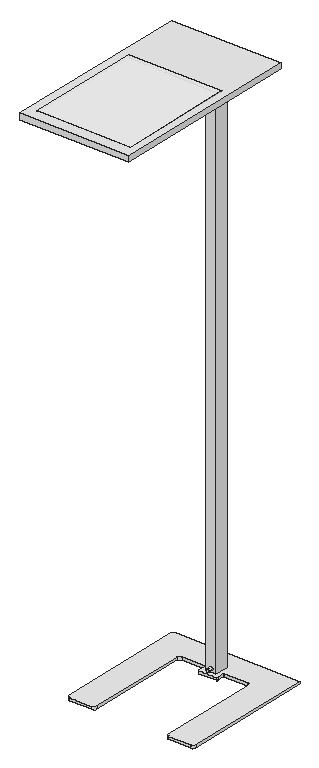
Revit family "0060782 Sylvania Lighting Fixture FREEOFFICE DIRECT INDIRECT 12KLM GREY EC", category Lighting Fixtures, host Face, Revit 2016
Family settings
  Host = Face
  Part Type = Normal
  Round Connector Dimension = Use Diameter
  OmniClass Number = 23.80.70.11.17
  OmniClass Title = Specialized Lighting by Location or Use
  Cut with Voids When Loaded = No
  Light Source = Yes
  Shared = No
  Room Calculation Point = No
Parameters (values of type "0060782 FREEOFFICE D/I 12 GREY EC")
  Weight = "22.8 kg"
  Wattage = 93 W
  WarrantyStartDate [instance] = "n/a"
  WarrantyGuarantorParts = "n/a"
  WarrantyDurationUnit = "n/a"
  WarrantyDurationParts = "n/a"
  WarrantyDescription = "n/a"
  built-in parameter 1150110 = 1 (stored number, unit not read)
  Voltage = 230 V
  TypeName = "FREEOFFICE DIRECT/INDIRECT 12KLM GREY EC"
  built-in parameter 1114217 = 1 (stored number, unit not read)
  Tilt Angle = -90°
  built-in parameter 1150109 = 1 (stored number, unit not read)
  built-in parameter 1150134 = 12
  built-in parameter 1150113 = 1 (stored number, unit not read)
  SerialNumber [instance] = "n/a"
  Radius_FEILO = 165.0 mm
  URL = "http://www.sylvania-lighting.com"
  PowerFactor = 0.96
  PowerConsumption = "93 W"
  Photometric Web File = "0060782.ies"
  PIR_SYL = no
  NominalWidth = 0.0 mm
  NominalLength = 690.0 mm
  NominalHeight = 2030.0 mm
  Name = "FREEOFFICE DIRECT/INDIRECT 12KLM GREY EC"
  ModelReference = "FREEOFFICE DIRECT/INDIRECT 12KLM GREY EC"
  ModelNumber = "0060782"
  Material_3_SYL = Body-Sylvania-FreeOffice-BLK
  Material_2_SYL = Polycarbonate_Sylvania_Sylcircle_Opal
  Material_1_SYL = Body-Sylvania-FreeOffice-GR
  Material = "head and pole : powder coated aluminium. stand: powder coated steel housing, pmma diffuser"
  ManufacturerName = "Feilo Sylvania"
  LuminousEfficacy = "131 lm/W"
  built-in parameter 1150105 = 3688.2 (stored number, unit not read)
  Lumens = 12183 lm
  LuminaireType = ""
  built-in parameter 1150115 = 1 (stored number, unit not read)
  LightOutputRatio = "n/a"
  built-in parameter 1150137 = (empty or 0)
  built-in parameter 1150139 = (empty or 0)
  LampsType = Lamp  # "LED"
  LampNominalLuminous = "12150 lm"
  LampMacAdamStep = "3"
  LampColourTemperature = "4000 K"
  LampColourRenderingIndex = "80"
  built-in parameter 1150112 = 1 (stored number, unit not read)
  built-in parameter 1150114 = 1 (stored number, unit not read)
  Keynote = "16500"
  InstallationDate [instance] = "n/a"
  InputVoltage = "220-240V~"
  InputNominalFrequency = "50/60 Hz"
  built-in parameter 1150132 = (empty or 0)
  built-in parameter 1150102 = (empty or 0)
  built-in parameter 1150107 = 4000 (stored number, unit not read)
  built-in parameter 1150138 = (empty or 0)
  IngressProtection = "IP20"
  ImpactProtectionIndex = "IK02"
  built-in parameter 1150106 = 36.882 (stored number, unit not read)
  IfcExportType = "IfcLightFixtureType"
  IfcExportAs = "IfcLightFixtureType"
  Height_FEILO = 96.0 mm
  ExpectedLife = 50000
  Emit from Rectangle Width = 340.1 mm
  Emit from Rectangle Length = 564.6 mm
  Emit Shape Visible in Rendering = no
  ElectricShockClassification = "Class I"
  built-in parameter 1150104 = 12.17 (stored number, unit not read)
  DurationUnit = "hours"
  DocumentationLiterature = "http://www.sylvania-lighting.com/product/en-int/products/0060782"
  DimmingControlOptions = "Dimmable"
  Dimming Lamp Color Temperature Shift = <None>
  Diameter_FEILO = 2 * Radius_FEILO  # 330.0 mm
  CreatedOn = "12/5/2018"
  CreatedBy = "@sylvania-lighting.com"
  Color Filter = 16777215
  built-in parameter 1114216 [instance] = 1 (stored number, unit not read)
  Model = "FREEOFFICE DIRECT/INDIRECT 12KLM GREY EC"
  Manufacturer = "Feilo Sylvania"
  Lamp = "LED"
  Description = "FREEOFFICE DIRECT/INDIRECT 12KLM GREY EC is a highly efficient free-standing floor lamp providing optimal illumination for single and twin workstations. 80% uplight and 20% downlight ratio for ambient and task lighting from a single luminaire. Microprismatic PMMA optics for advanced glare control. Grey RAL7035 powder coated luminaire body. Aluminium head and pole for high-quality appearance, steel stand for higher stability. Luminaire dimensions: Head: 690x397x25mm, Stand: 480x460x16mm, Pole: 55x35x2030mm. Operated and dimmed with a push button located in the pole at a height suitable to be used with adjustable height desks. Up and downlight dims together. 4000K Neutral White LED, CRI>80, chromaticity tolerance: SDCM<3. Luminous flux: 12150lm. Power consumption 93W. Luminaire efficacy: 131lm/W. Lumen maintenance: L80B50=55000h. UGR<16, Luminance at 65°<3000 cd/m2. IK02, IP20. Photobiological safety risk group 0. Electrical protection: Class I. Glow wire test: 650°C. Supplied with 3m cable with DIN 49441-R2 plug."
  Default Elevation = 0.0 mm
  built-in parameter 1140040 [instance] = 1
  BarCode [instance] = "n/a"
  built-in parameter 1114218 = 1 (stored number, unit not read)
  built-in parameter 1150133 = 10 (stored number, unit not read)
  AssetType = "Fixed"
  AssetIdentifier [instance] = "n/a"
  Assembly Code = "D5020200"
  Apparent Load = 93 VA
Reference planes
  plane 1 "Center (Front/Back)": y = 0
  plane 2: z = 0
  plane 3 "Center (Left/Right)": x = 0
  plane 4: z = 2030
  plane 5: x = 230
  plane 6: x = -230
  plane 7: x = 18
  plane 8: x = -18
  plane 9: x = -198.5
  plane 10: x = 198.5
  plane 11: y = 25
  plane 12: y = -25
  plane 13: y = -390.174
  plane 14: y = 89.826
  plane 15: y = -645
  plane 16: y = 44
  plane 17: z = 9
  plane 18: z = 2010
  plane 19: y = -187.327
  plane 20: y = -603.8
  plane 21: x = -170.03
  plane 22: x = 170.03
  plane 23: y = -39.174
  plane 24: z = 2020
  plane 25: x = 130
  plane 26: x = -130
  plane 27: y = -10.174
  plane 28: x = 34
  plane 29: x = -34
  plane 30: y = -39.174
  plane 31: y = -321.487
  plane 32: z = 21
  plane 33: y = -624.4
  plane 34: z = 2009
Forms (mm)
  Extrusion 1, solid, material "Body-Sylvania-FreeOffice-GR" <- "Material_1_SYL"
    sketch origin (-1380.213, -4572, 2010) x (-1, 0, 0) y (0, -1, 0)
      loop
        line (-1181.713, -3927) -> (-1578.713, -3927) -> (-1578.713, -4616) -> (-1181.713, -4616) -> (-1181.713, -3927)
    from 0 to 20
  Extrusion 2, void
    sketch origin (-1380.213, -4572, 2030) x (0, -1, 0) y (-1, 0, 0)
      loop
        line (-4384.673, -1210.183) -> (-4384.673, -1550.243) -> (-3968.2, -1550.243) -> (-3968.2, -1210.183) -> (-4384.673, -1210.183)
    from 0 to 20
  Extrusion 3, void
    sketch origin (-1380.213, -4572, 2010) x (0, -1, 0) y (-1, 0, 0)
      loop
        line (-3968.2, -1210.183) -> (-4532.826, -1210.183) -> (-4532.826, -1550.243) -> (-3968.2, -1550.243) -> (-3968.2, -1210.183)
    from 0 to -10
  Extrusion 4, solid, material "Body-Sylvania-FreeOffice-GR" <- "Material_1_SYL"
    sketch origin (0, 0, 0) x (1, 0, 0) y (0, 1, 0)
      loop
        line (-230, 79.826) -> (-230, -380.174)
        arc (-230, -380.174) -> (-227.071, -387.245) -> (-220, -390.174) r 10
        line (-220, -390.174) -> (-140, -390.174)
        arc (-140, -390.174) -> (-132.929, -387.245) -> (-130, -380.174) r 10
        line (-130, -380.174) -> (-130, -20.174)
        arc (-130, -20.174) -> (-127.071, -13.103) -> (-120, -10.174) r 10
        line (-120, -10.174) -> (-36, -10.174)
        arc (-36, -10.174) -> (-34.586, -10.76) -> (-34, -12.174) r 2
        line (-34, -12.174) -> (-34, -37.174)
        arc (-34, -37.174) -> (-33.414, -38.588) -> (-32, -39.174) r 2
        line (-32, -39.174) -> (32, -39.174)
        arc (32, -39.174) -> (33.414, -38.588) -> (34, -37.174) r 2
        line (34, -37.174) -> (34, -12.174)
        arc (34, -12.174) -> (34.586, -10.76) -> (36, -10.174) r 2
        line (36, -10.174) -> (120, -10.174)
        arc (120, -10.174) -> (127.071, -13.103) -> (130, -20.174) r 10
        line (130, -20.174) -> (130, -380.174)
        arc (130, -380.174) -> (132.929, -387.245) -> (140, -390.174) r 10
        line (140, -390.174) -> (220, -390.174)
        arc (220, -390.174) -> (227.071, -387.245) -> (230, -380.174) r 10
        line (230, -380.174) -> (230, 89.826) -> (-220, 89.826)
        arc (-220, 89.826) -> (-227.071, 86.897) -> (-230, 79.826) r 10
    from 0 to 9
  Extrusion 5, solid, material "Body-Sylvania-FreeOffice-GR" <- "Material_1_SYL"
    sketch origin (645.563, -4597, 9) x (0, -1, 0) y (-1, 0, 0)
      loop
        line (-4622, 663.563) -> (-4622, 627.563) -> (-4572, 627.563) -> (-4572, 663.563) -> (-4622, 663.563)
    from 0 to -2001
  Extrusion 6, solid, material "Body-Sylvania-FreeOffice-GR" <- "Material_1_SYL"
    sketch origin (747.1, -25, 1219.2) x (1, 0, 0) y (0, 0, 1)
      loop
        circle (-747.1, -1198.2) r 5
    from 0 to 14.174
  Extrusion 7, solid, material "Polycarbonate_Sylvania_Sylcircle_Opal" <- "Material_2_SYL"
    sketch origin (-1380.213, -4572, 2030) x (-1, 0, 0) y (0, -1, 0)
      loop
        line (-1550.243, -3968.2) -> (-1550.243, -4384.673) -> (-1210.183, -4384.673) -> (-1210.183, -3968.2) -> (-1550.243, -3968.2)
    from 0 to -10
  Extrusion 8, solid, material "Polycarbonate_Sylvania_Sylcircle_Opal" <- "Material_2_SYL"
    sketch origin (-1380.213, -4572, 2010) x (-1, 0, 0) y (0, -1, 0)
      loop
        line (-1210.183, -4532.826) -> (-1210.183, -3968.2) -> (-1550.243, -3968.2) -> (-1550.243, -4532.826) -> (-1210.183, -4532.826)
    from 0 to 10
  Revolve 9, solid, material "Body-Sylvania-FreeOffice-BLK" <- "Material_3_SYL", visible <- "PIR_SYL"
    sketch origin (747.1, -624.4, 1219.2) x (1, 0, 0) y (0, 0, 1)
      loop
        line (-757.1, 789.8) -> (-754.426, 789.8)
        arc (-754.426, 789.8) -> (-751.007, 787.781) -> (-747.1, 787.079) r 11.221
        line (-747.1, 787.079) -> (-747.1, 790.8) -> (-757.1, 790.8) -> (-757.1, 789.8)
      axis (-747.1, 790.8) -> (-747.1, 787.079)
    angle from 0 to 360
Cuts and joins
  Extrusion 2, Extrusion 3 cuts Extrusion 1
Lines and regions (mm)
  reference lines
    curve 1: circle (0, 0, 21) r 5 normal (0, -1, 0)
    curve 2: circle (0, -624.4, 2010) r 10 normal (0, 0, 1)
Dimensions and locks
  equal spacing: plane 12, plane 1 "Center (Front/Back)", plane 11
  locked: plane 12 to plane 11 at 50
  equal spacing: plane 8, plane 3 "Center (Left/Right)", plane 7
  plane 8 to plane 7 = 36.0 mm
  equal spacing: plane 9, plane 3 "Center (Left/Right)", plane 10
  plane 9 to plane 10 = 397.0 mm
  equal spacing: plane 6, plane 3 "Center (Left/Right)", plane 5
  locked: plane 6 to plane 5 at 460
  locked: plane 4 to plane 2 at 2030
  locked: plane 13 to plane 1 "Center (Front/Back)" at 390.174
  locked: plane 13 to plane 14 at 480
  locked: plane 15 to plane 1 "Center (Front/Back)" at 645
  locked: plane 15 to plane 16 at 689
  locked: plane 17 to plane 2 at 9
  locked: plane 4 to plane 18 at 20
  locked: plane 19 to plane 1 "Center (Front/Back)" at 187.327
  locked: plane 20 to plane 19 at 416.473
  equal spacing: plane 21, plane 3 "Center (Left/Right)", plane 22
  plane 21 to plane 22 = 340.059 mm
  locked: plane 20 to plane 23 at 564.626
  equal spacing: plane 4, plane 24, plane 18
  equal spacing: plane 26, plane 3 "Center (Left/Right)", plane 25
  locked: plane 26 to plane 25 at 260
  locked: plane 27 to plane 14 at 100
  equal spacing: plane 29, plane 3 "Center (Left/Right)", plane 28
  locked: plane 29 to plane 28 at 68
  locked: plane 30 to plane 27 at 29
  equal spacing: plane 20, plane 31, plane 23
  locked: plane 32 to host face at 21
  equal spacing: plane 15, plane 33, plane 20
  locked: Revolve 9 sketch curve to plane 18 at 7.5
  locked: plane 18 to plane 34 at 1
  radius of curve 2 = 10.0 mm
  aligned and locked: plane 2 to host face
  aligned and locked: level to host face
  aligned and locked: plane 15 to Extrusion 1 sketch curve
  aligned and locked: Extrusion 1 sketch curve to plane 9
  aligned and locked: Extrusion 1 sketch curve to plane 16
  aligned and locked: plane 10 to Extrusion 1 sketch curve
  aligned and locked: plane 4 to Extrusion 1
  aligned and locked: Extrusion 1 to plane 18
  aligned and locked: Extrusion 2 sketch curve to plane 19
  aligned and locked: plane 20 to Extrusion 2 sketch curve
  aligned and locked: Extrusion 2 to plane 18
  aligned and locked: plane 4 to Extrusion 2
  aligned and locked: plane 21 to Extrusion 2 sketch curve
  aligned and locked: plane 22 to Extrusion 2 sketch curve
  aligned and locked: Extrusion 3 sketch curve to cut or joined group of Extrusion 1, Extrusion 2, Extrusion 3  (x2)
  aligned and locked: plane 23 to Extrusion 3 sketch curve
  aligned and locked: plane 22 to Extrusion 3 sketch curve
  aligned and locked: Extrusion 3 to plane 18
  aligned and locked: plane 24 to Extrusion 3
  aligned and locked: Extrusion 4 sketch curve to plane 14
  aligned and locked: Extrusion 4 sketch curve to plane 6
  aligned and locked: plane 13 to Extrusion 4 sketch curve  (x2)
  aligned and locked: Extrusion 4 sketch curve to plane 26
  aligned and locked: Extrusion 4 sketch curve to plane 25
  aligned and locked: plane 5 to Extrusion 4 sketch curve
  aligned and locked: plane 29 to Extrusion 4 sketch curve
  aligned and locked: plane 30 to Extrusion 4 sketch curve
  aligned and locked: Extrusion 4 sketch curve to plane 28
  aligned and locked: Extrusion 4 sketch curve to plane 27
  aligned and locked: Extrusion 4 to plane 17
  aligned and locked: Extrusion 4 to level
  aligned and locked: Extrusion 5 sketch curve to plane 8
  aligned and locked: plane 7 to Extrusion 5 sketch curve
  aligned and locked: plane 18 to Extrusion 5
  aligned and locked: plane 11 to Extrusion 5 sketch curve
  aligned and locked: Extrusion 5 sketch curve to plane 12
  aligned and locked: plane 24 to imposter light
  aligned and locked: imposter light to plane 3 "Center (Left/Right)"
  aligned and locked: imposter light to plane 31
  aligned and locked: Extrusion 6 sketch curve to curve 1
  aligned and locked: Extrusion 6 to plane 12
  aligned and locked: Extrusion 6 to cut or joined group of Extrusion 1, Extrusion 2, Extrusion 3
  aligned and locked: Extrusion 7 sketch curve to cut or joined group of Extrusion 1, Extrusion 2, Extrusion 3  (x4)
  aligned and locked: Extrusion 7 to plane 4
  aligned and locked: Extrusion 7 to cut or joined group of Extrusion 1, Extrusion 2, Extrusion 3
  aligned and locked: Extrusion 8 sketch curve to cut or joined group of Extrusion 1, Extrusion 2, Extrusion 3  (x4)
  aligned and locked: Extrusion 8 to cut or joined group of Extrusion 1, Extrusion 2, Extrusion 3
  aligned and locked: Extrusion 8 to plane 18
  aligned and locked: plane 3 "Center (Left/Right)" to curve 2
  aligned and locked: plane 33 to curve 2
  aligned and locked: plane 3 "Center (Left/Right)" to Revolve 9 sketch curve  (x2)
  aligned and locked: Revolve 9 sketch curve to plane 3 "Center (Left/Right)"
  aligned and locked: Revolve 9 sketch curve to plane 34
Automatic sketch dimensions
  host sketch curve to host sketch curve = 1305.563 mm
  host sketch curve to host sketch curve = 1283.632 mm
  plane 27 to Extrusion 4 sketch curve = 0.0 mm
  plane 6 to Extrusion 4 sketch curve = 10.0 mm  (x2)
  Extrusion 4 sketch curve to plane 13 = 10.0 mm
  Extrusion 4 sketch curve to plane 26 = 10.0 mm
  Extrusion 4 sketch curve to Extrusion 4 sketch curve = 2.0 mm
  plane 29 to Extrusion 4 sketch curve = 2.0 mm
  Extrusion 4 sketch curve to plane 28 = 2.0 mm
  plane 28 to Extrusion 4 sketch curve = 2.0 mm
  Extrusion 4 sketch curve to plane 25 = 10.0 mm
  Extrusion 4 sketch curve to Extrusion 4 sketch curve = 10.0 mm
  Extrusion 4 sketch curve to plane 5 = 10.0 mm
  curve 1 to plane 3 "Center (Left/Right)" = 0.0 mm
  curve 1 to plane 32 = 0.0 mm
  Revolve 9 sketch curve to plane 18 = 0.0 mm
  Revolve 9 sketch curve to plane 3 "Center (Left/Right)" = 7.326 mm
  Revolve 9 sketch curve to Revolve 9 sketch curve = 2.674 mm
  Revolve 9 sketch curve to level = 94.652 mm
  plane 4 to Revolve 9 sketch curve = 432.257 mm
  radius of curve 1 = 5.0 mm
Connectors
  electrical at (0, -39.174, 21), driven by "PowerFactor", driven by "Voltage", driven by "Apparent Load", driven by "Apparent Load"
    settings: on Extrusion 6, index 1, voltage 230 V, apparent load 93 VA, apparent load phase1 93 VA, apparent load phase2 0 VA, apparent load phase3 0 VA, power factor 0.96, load classification "Other", number of poles 1, system type 30, power factor state 1, is connector primary yes, connector utility no, sub classification motor no, connector description ""
